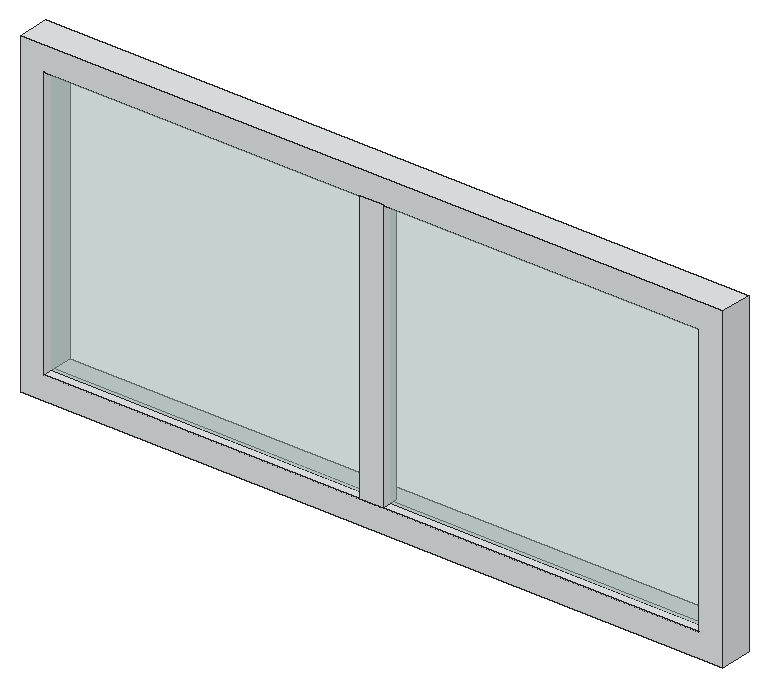
Revit family "CT_Jan_Ext_2Vid", category Windows, host Wall, Revit 2025
Family settings
  Host = Wall
  OmniClass Number = 23.30.20.00
  OmniClass Title = Windows
  Always vertical = Yes
  Cut with Voids When Loaded = No
  Shared = No
  Room Calculation Point = Yes
Parameters (values of type "JAN_100x220_FAC_2PA")
  Material_Vidro = CT_Vidros
  Material_Esquadria = CT_Esquadrias_Aluminio
  Height = 1.000 m
  Espess_Esquadria = 0.075 m
  Define Thermal Properties by = Schematic Type
  Default Sill Height = 0.800 m
  Wall Closure = By host
  Width = 2.200 m
  Analytic Construction = "<None>"
Types (2, lengths in m): name | Width
  JAN_100x220_FAC_2PA | 2.200
  JAN_100x230_FAC_2PA | 2.300
Reference planes (m)
  plane 1 "Center (Front/Back)": y = 0
  plane 2 "Center (Left/Right)": x = 0
  plane 3 "Left": x = -1.1
  plane 4 "Right": x = 1.1
  plane 5 "Sill": z = 0.8
  plane 6 "Head": z = 1.8
  plane 7 "Exterior": y = 0.05
  plane 8 "Interior": y = -0.05
Forms (m)
  Extrusion 1, solid, material "CT_Esquadrias_Aluminio" <- "Material_Esquadria"
    sketch origin (0, 0.05, 0) x (1, 0, 0) y (0, 0, 1)
      loop
        line (1.1, 1.8) -> (-1.1, 1.8) -> (-1.1, 0.8) -> (1.1, 0.8) -> (1.1, 1.8)
      loop
        line (1.025, 0.875) -> (1.025, 1.725) -> (-1.025, 1.725) -> (-1.025, 0.875) -> (1.025, 0.875)
    from 0 to 0.1
  Extrusion 2, solid, material "CT_Vidros" <- "Material_Vidro"
    sketch origin (0, 0.05, 0) x (1, 0, 0) y (0, 0, 1)
      loop
        line (1.025, 1.725) -> (0.0375, 1.725) -> (0.0375, 0.875) -> (1.025, 0.875) -> (1.025, 1.725)
      loop
        line (-0.0375, 1.725) -> (-1.025, 1.725) -> (-1.025, 0.875) -> (-0.0375, 0.875) -> (-0.0375, 1.725)
    from 0.062783 to 0.074766
  Extrusion 3, solid, material "CT_Esquadrias_Aluminio" <- "Material_Esquadria"
    sketch origin (0, 0.05, 0) x (-1, 0, 0) y (0, 0, 1)
      loop
        line (-0.0375, 0.875) -> (0.0375, 0.875) -> (0.0375, 1.725) -> (-0.0375, 1.725) -> (-0.0375, 0.875)
    from -0.05 to -0.1
Lines and regions (m)
  Opening 1
    outline origin (3.5, -0.05, 0) x (1, 0, 0) y (0, 0, 1)
      loop
        line (-2.4, 0.8) -> (-2.4, 1.8) -> (-4.6, 1.8) -> (-4.6, 0.8) -> (-2.4, 0.8)
Text (m)
  text "EXTERIOR" at (-1.963203, 1.332353, 0), in view "Ref. Level"
  text "INTERIOR" at (-1.981466, -0.818386, 0), in view "Ref. Level"
  text "Exterior" at (0, 0.923751, 2.943296), in view "Right"
  text "Exterior" at (0, 1.040484, 2.685409), in view "Left"
Dimensions and locks (m)
  equal spacing: plane 3 "Left", plane 2 "Center (Left/Right)", plane 4 "Right"
  "Width": plane 3 "Left" to plane 4 "Right"
  "Height": plane 5 "Sill" to plane 6 "Head"
  "Default Sill Height": plane 5 "Sill" to level
  locked: plane 7 "Exterior" to host wall
  locked: plane 8 "Interior" to host wall
  "Espess_Esquadria": Extrusion 1 sketch curve to Extrusion 1 sketch curve  (x3)
  plane 5 "Sill" to Extrusion 1 sketch curve to Extrusion 1 sketch curve = 0.000 m, 0.075 m
  locked: Extrusion 2 to Extrusion 1 at 0.025234
  locked: Extrusion 2 to Extrusion 2 at 0.011983
  aligned and locked: Extrusion 1 sketch curve to host wall  (x3)
  aligned and locked: plane 5 "Sill" to Extrusion 1
  aligned and locked: Extrusion 2 sketch curve to Extrusion 1  (x4)
  aligned and locked: plane 8 "Interior" to Extrusion 1
  aligned and locked: Extrusion 1 to plane 7 "Exterior"
  aligned and locked: Extrusion 1 to Extrusion 3 sketch curve
  aligned and locked: Extrusion 3 sketch curve to Extrusion 1
  aligned and locked: Extrusion 3 sketch curve to Extrusion 2  (x2)
  aligned and locked: Extrusion 3 to Extrusion 1  (x2)
  aligned and locked: Extrusion 3 to host wall
  aligned and locked: Extrusion 1 to Extrusion 3
Automatic sketch dimensions
  Opening 1 sketch curve to plane 3 "Left" = 0.000 m
  Opening 1 sketch curve to plane 4 "Right" = 0.000 m
  Opening 1 sketch curve to plane 5 "Sill" = 0.000 m
  Opening 1 sketch curve to plane 6 "Head" = 0.000 m
  plane 2 "Center (Left/Right)" to Extrusion 2 sketch curve = 0.0375 m
  Extrusion 2 sketch curve to plane 2 "Center (Left/Right)" = 0.0375 m
  Extrusion 2 sketch curve to plane 5 "Sill" = 0.075 m
  plane 6 "Head" to Extrusion 2 sketch curve = 0.075 m
